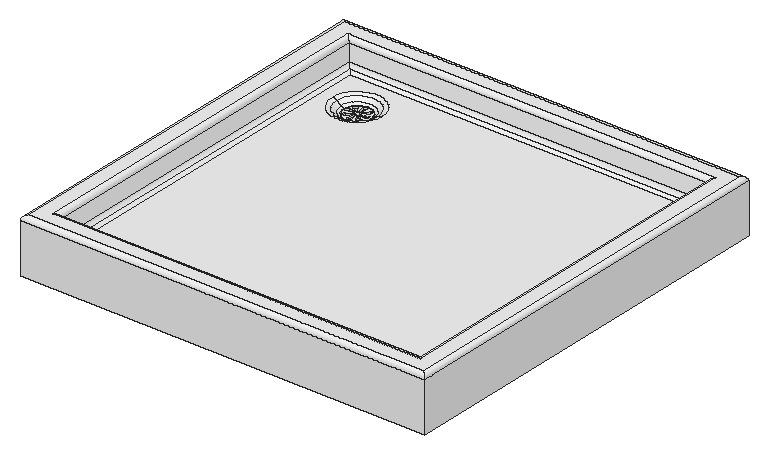
Revit family "BATH4", category Plumbing Fixtures, Revit 2023
Family settings
  Round Connector Dimension = Use Diameter
  Part Type = Normal
  Work Plane-Based = No
  Enable Cutting in Views = No
  Always vertical = Yes
  Cut with Voids When Loaded = No
  Maintain Annotation Orientation = No
  Shared = No
  Room Calculation Point = No
Parameters (values of type "900x900mm")
  Width = 900 mm
  Material = Porcelain - White
  Manufacturer = "Revit"
  Keynote = "N13/230"
  Depth = 900 mm
  Default Elevation = 0 mm
  Assembly Code = ""
Types (3, lengths in mm): name | Width
  (no name) | 900
  1200x900mm | 1200
  900x900mm | 900
Reference planes
  plane 1 "Center (Front/Back)": y = 0
  plane 2: z = 0
  plane 3 "Center (Left/Right)": x = 0
  plane 4: x = -450
  plane 5: y = 450
  plane 6: x = 450
  plane 7: y = -450
  plane 8: x = -300
  plane 9: y = 300
Forms (mm)
  Sweep 1, solid, material "Porcelain - White" <- "Material"
    path origin (0, 0, 0) x (1, 0, 0) y (0, 1, 0)
      loop
        line (-450, 450) -> (-450, -450) -> (450, -450) -> (450, 450) -> (-450, 450)
    profile origin (0, 0, 0) x (0, 1, 0) y (0, 0, 1)
      loop
        line (450, 0) -> (450, 110)
        arc (450, 110) -> (447.071, 117.071) -> (440, 120) r 10
        line (440, 120) -> (410, 120)
        arc (410, 120) -> (402.929, 117.071) -> (400, 110) r 10
        line (400, 110) -> (394.149, 76.818)
        arc (394.149, 76.818) -> (392.193, 71.056) -> (388.595, 66.149) r 20
        line (388.595, 66.149) -> (382.446, 60) -> (382.446, 0) -> (450, 0)
  Extrusion 2, solid, material "Porcelain - White" <- "Material"
    sketch origin (0, 0, 0) x (1, 0, 0) y (0, 1, 0)
      loop
        circle (-300, 300) r 30
      loop
        line (382.446, 382.446) -> (-382.446, 382.446) -> (-382.446, -382.446) -> (382.446, -382.446) -> (382.446, 382.446)
    from 0 to 60
  Revolve 3, void
    sketch origin (0, 300, 0) x (1, 0, 0) y (0, 0, 1)
      loop
        line (-300, 45) -> (-278.333, 45)
        arc (-278.333, 45) -> (-270.428, 46.283) -> (-263.333, 50) r 25
        line (-263.333, 50) -> (-254, 57)
        arc (-254, 57) -> (-249.743, 59.23) -> (-245, 60) r 15
        line (-245, 60) -> (-240, 60) -> (-240, 70) -> (-300, 70) -> (-300, 45)
      axis (-300, 45) -> (-300, 70)
    angle from 0 to 360
  Extrusion 4, solid, material "Metal - Chrome"
    sketch origin (0, 0, 3.364) x (1, 0, 0) y (0, 1, 0)
      loop
        circle (-300, 300) r 30
      loop
        arc (-302.144, 307.224) -> (-300.094, 305.174) -> (-298.044, 307.224) r 2.05
        line (-298.044, 307.224) -> (-295.017, 321.53)
        arc (-295.017, 321.53) -> (-300, 326.513) -> (-304.983, 321.53) r 4.983
        line (-304.983, 321.53) -> (-302.144, 307.224)
      loop
        line (-302.144, 292.776) -> (-304.983, 278.47)
        arc (-304.983, 278.47) -> (-300, 273.487) -> (-295.017, 278.47) r 4.983
        line (-295.017, 278.47) -> (-298.044, 292.776)
        arc (-298.044, 292.776) -> (-300.094, 294.826) -> (-302.144, 292.776) r 2.05
      loop
        arc (-307.224, 297.856) -> (-305.174, 299.906) -> (-307.224, 301.956) r 2.05
        line (-307.224, 301.956) -> (-321.53, 304.983)
        arc (-321.53, 304.983) -> (-326.513, 300) -> (-321.53, 295.017) r 4.983
        line (-321.53, 295.017) -> (-307.224, 297.856)
      loop
        line (-292.776, 297.856) -> (-278.47, 295.017)
        arc (-278.47, 295.017) -> (-273.487, 300) -> (-278.47, 304.983) r 4.983
        line (-278.47, 304.983) -> (-292.776, 301.956)
        arc (-292.776, 301.956) -> (-294.826, 299.906) -> (-292.776, 297.856) r 2.05
      loop
        arc (-306.624, 303.593) -> (-303.725, 303.593) -> (-303.725, 306.492) r 2.05
        line (-303.725, 306.492) -> (-311.701, 318.747)
        arc (-311.701, 318.747) -> (-318.747, 318.747) -> (-318.747, 311.701) r 4.983
        line (-318.747, 311.701) -> (-306.624, 303.593)
      loop
        line (-296.407, 293.376) -> (-288.299, 281.253)
        arc (-288.299, 281.253) -> (-281.253, 281.253) -> (-281.253, 288.299) r 4.983
        line (-281.253, 288.299) -> (-293.508, 296.275)
        arc (-293.508, 296.275) -> (-296.407, 296.275) -> (-296.407, 293.376) r 2.05
      loop
        arc (-303.593, 293.376) -> (-303.593, 296.275) -> (-306.492, 296.275) r 2.05
        line (-306.492, 296.275) -> (-318.747, 288.299)
        arc (-318.747, 288.299) -> (-318.747, 281.253) -> (-311.701, 281.253) r 4.983
        line (-311.701, 281.253) -> (-303.593, 293.376)
      loop
        line (-293.376, 303.593) -> (-281.253, 311.701)
        arc (-281.253, 311.701) -> (-281.253, 318.747) -> (-288.299, 318.747) r 4.983
        line (-288.299, 318.747) -> (-296.275, 306.492)
        arc (-296.275, 306.492) -> (-296.275, 303.593) -> (-293.376, 303.593) r 2.05
    from 40.065 to 43.065
Cuts and joins
  Revolve 3 cuts Sweep 1
  Revolve 3 cuts Extrusion 2
  joined: Sweep 1, Extrusion 2
Lines and regions (mm)
  Masking region 1
    outline origin (0, 0, 0) x (1, 0, 0) y (0, 1, 0)
      loop
        line (-450, -450) -> (450, -450) -> (450, 450) -> (-450, 450) -> (-450, -450)
  symbolic lines
    curve 1: line (-450, 450, 0) -> (450, 450, 0)
    curve 2: line (-450, -450, 0) -> (-450, 450, 0)
    curve 3: line (450, -450, 0) -> (-450, -450, 0)
    curve 4: line (450, 450, 0) -> (450, -450, 0)
    curve 5: line (-400, 400, 0) -> (400, 400, 0)
    curve 6: line (400, 400, 0) -> (400, -400, 0)
    curve 7: line (400, -400, 0) -> (-400, -400, 0)
    curve 8: line (-400, -400, 0) -> (-400, 400, 0)
    curve 9: circle (-300, 300, 0) r 30 normal (0, 0, 1)
  symbolic lines, style "Hidden Linework"
    curve 10: line (-400, 400, 0) -> (389.255, -394.655, 0)
    curve 11: line (-400, -400, 0) -> (400, 400, 0)
Dimensions and locks
  "Width": plane 4 to plane 6
  "Depth": plane 7 to plane 5
  equal spacing: plane 7, plane 1 "Center (Front/Back)", plane 5
  equal spacing: plane 4, plane 3 "Center (Left/Right)", plane 6
  locked: plane 4 to plane 8 at 150
  locked: plane 9 to plane 5 at 150
  aligned and locked: plane 4 to Sweep 1 sketch curve
  aligned and locked: plane 5 to Sweep 1 sketch curve
  aligned and locked: plane 7 to Sweep 1 sketch curve
  aligned and locked: plane 6 to Sweep 1 sketch curve
  aligned and locked: Extrusion 2 sketch curve to Sweep 1  (x4)
  aligned and locked: Revolve 3 sketch curve to plane 8  (x2)
  aligned and locked: curve 1 to cut or joined group of Sweep 1, Extrusion 2, Revolve 3  (x2)
  aligned and locked: cut or joined group of Sweep 1, Extrusion 2, Revolve 3 to curve 4
  aligned and locked: curve 4 to cut or joined group of Sweep 1, Extrusion 2, Revolve 3
  aligned and locked: Masking region 1 sketch curve to curve 2
  aligned and locked: Masking region 1 sketch curve to curve 1
  aligned and locked: Masking region 1 sketch curve to curve 4
  aligned and locked: Masking region 1 sketch curve to curve 3
Automatic sketch dimensions
  Extrusion 2 sketch curve to plane 8 = 0 mm
  Extrusion 2 sketch curve to plane 9 = 0 mm
  Sweep 1 sketch curve to level = 0 mm
  Sweep 1 sketch curve to profile plane = 0 mm
  profile plane to Sweep 1 sketch curve = 10 mm
  Sweep 1 sketch curve to Sweep 1 sketch curve = 30 mm
  Sweep 1 sketch curve to Sweep 1 sketch curve = 10 mm
  Sweep 1 sketch curve to Sweep 1 sketch curve = 5.851 mm
  Sweep 1 sketch curve to Sweep 1 sketch curve = 5.554 mm
  Sweep 1 sketch curve to Sweep 1 sketch curve = 6.149 mm  (x2)
  Sweep 1 sketch curve to Sweep 1 sketch curve = 19.696 mm
  level to Sweep 1 sketch curve = 60 mm
  Sweep 1 sketch curve to Sweep 1 sketch curve = 10.669 mm
  Sweep 1 sketch curve to Sweep 1 sketch curve = 33.182 mm
  Revolve 3 sketch curve to plane 8 = 21.667 mm
  Revolve 3 sketch curve to Revolve 3 sketch curve = 15 mm
  Revolve 3 sketch curve to Revolve 3 sketch curve = 9.333 mm
  Revolve 3 sketch curve to Revolve 3 sketch curve = 9 mm
  Revolve 3 sketch curve to Revolve 3 sketch curve = 5 mm  (x2)
  Revolve 3 sketch curve to level = 508 mm
  level to Revolve 3 sketch curve = 45 mm
  Revolve 3 sketch curve to Revolve 3 sketch curve = 0 mm  (x2)
  Revolve 3 sketch curve to Revolve 3 sketch curve = 7 mm
  Revolve 3 sketch curve to Revolve 3 sketch curve = 558 mm
  Extrusion 4 sketch curve to plane 9 = 0 mm  (x3)
  Extrusion 4 sketch curve to plane 8 = 0 mm  (x3)
  plane 8 to Extrusion 4 sketch curve = 0.094 mm  (x2)
  Extrusion 4 sketch curve to Extrusion 4 sketch curve = 2.05 mm  (x2)
  Extrusion 4 sketch curve to Extrusion 4 sketch curve = 1.449 mm  (x12)
  Extrusion 4 sketch curve to Extrusion 4 sketch curve = 1.582 mm  (x3)
  plane 8 to Extrusion 4 sketch curve = 4.983 mm  (x2)
  plane 9 to Extrusion 4 sketch curve = 0.094 mm  (x2)
  Extrusion 4 sketch curve to Extrusion 4 sketch curve = 0.733 mm  (x2)
  Extrusion 4 sketch curve to Extrusion 4 sketch curve = 6.718 mm  (x4)
  Extrusion 4 sketch curve to Extrusion 4 sketch curve = 3.523 mm  (x12)
  Extrusion 4 sketch curve to plane 9 = 11.701 mm  (x2)
  plane 9 to Extrusion 4 sketch curve = 4.983 mm  (x2)
  Extrusion 4 sketch curve to Extrusion 4 sketch curve = 2.783 mm  (x4)
  Extrusion 4 sketch curve to Extrusion 4 sketch curve = 1.636 mm  (x2)
  Extrusion 4 sketch curve to Extrusion 4 sketch curve = 1.769 mm
  plane 9 to Extrusion 4 sketch curve = 3.725 mm
  Extrusion 4 sketch curve to plane 9 = 3.593 mm
  Extrusion 4 sketch curve to Extrusion 4 sketch curve = 0.6 mm  (x3)
  plane 9 to Extrusion 4 sketch curve = 11.701 mm
  Extrusion 4 sketch curve to Extrusion 4 sketch curve = 10.241 mm
  plane 9 to Extrusion 4 sketch curve = 7.224 mm
  curve 9 to plane 8 = 0 mm
  curve 9 to plane 9 = 0 mm
  curve 8 to plane 4 = 50 mm
  plane 6 to curve 10 = 60.745 mm
  curve 10 to curve 7 = 10.745 mm
  curve 7 to plane 7 = 50 mm
  curve 7 to curve 10 = 5.345 mm
  plane 5 to curve 10 = 50 mm
  radius of Extrusion 2 sketch curve = 30 mm
  radius of Extrusion 4 sketch curve = 30 mm
  radius of curve 9 = 30 mm
